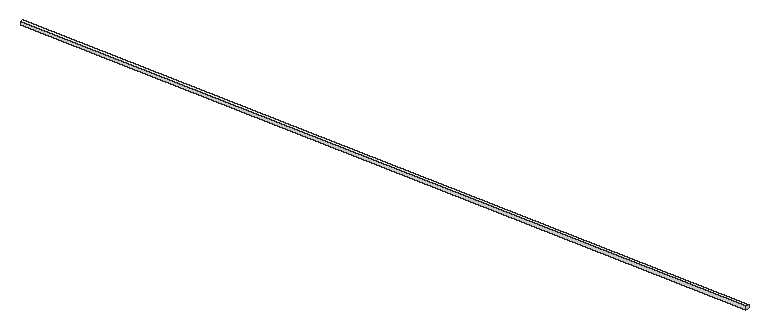
Revit family "K-Form_Topliste_p_i_t_5021204", category Generic Models, Revit 2020
Family settings
  Can host rebar = No
  Round Connector Dimension = Use Diameter
  Part Type = Normal
  Work Plane-Based = Yes
  Always vertical = No
  Cut with Voids When Loaded = No
  Shared = No
  Room Calculation Point = No
Parameters (values of type "For K85")
  Yes/No visibility = yes
  Website Link [instance] = "https://www.haucon.fi/tuotteet/liikuntasaumalaitteet/k-form-valurajaaja-ja-liikuntasaumalaite/44/k-form"
  URL = ""
  Total Length [instance] = 2440 mm
  Technical Data Sheet [instance] = ""
  Plastic [instance] = PVC
  K-Form height = 85 mm
  Default Elevation = 1219.2 mm
Types (3, lengths in mm): name | K-Form height
  For K85 | 85
  For K35 | 35
  For K135 | 135
Reference planes
  plane 1 "Center (Front/Back)": y = 0
  plane 2: z = 0
  plane 3 "Center (Left/Right)": x = 0
  plane 4 "Total length": x = 2440
  plane 5: z = 85
Forms (mm)
  Extrusion 1, solid, material "PVC", visible <- "Yes/No visibility"
    sketch origin (0, -72.455, -40.444) x (0, 1, 0) y (0, 0, 1)
      loop
        line (79.455, 121.444) -> (82.455, 121.444) -> (82.455, 131.471) -> (72.455, 131.471) -> (72.455, 121.444) -> (75.455, 121.444) -> (75.455, 125.444) -> (79.455, 125.444) -> (79.455, 121.444)
      loop
        line (79.455, 128.871) -> (75.455, 128.871) -> (75.455, 127.371) -> (79.455, 127.371) -> (79.455, 128.871)
    from 0 to 2440
Dimensions and locks
  "Total Length": plane 3 "Center (Left/Right)" to plane 4 "Total length"
  "K-Form height": plane 5 to level
  aligned and locked: level to plane 2
  aligned and locked: plane 4 "Total length" to Extrusion 1
  aligned and locked: Extrusion 1 to plane 3 "Center (Left/Right)"
  aligned and locked: plane 5 to Extrusion 1
Automatic sketch dimensions
  Extrusion 1 sketch curve to plane 5 = 0 mm
  Extrusion 1 sketch curve to plane 5 = 4 mm
  Extrusion 1 sketch curve to plane 1 "Center (Front/Back)" = 0 mm
  plane 5 to Extrusion 1 sketch curve = 1.927 mm
  Extrusion 1 sketch curve to Extrusion 1 sketch curve = 3 mm  (x2)
  Extrusion 1 sketch curve to Extrusion 1 sketch curve = 0 mm  (x3)
  Extrusion 1 sketch curve to Extrusion 1 sketch curve = 4 mm
  Extrusion 1 sketch curve to Extrusion 1 sketch curve = 1.5 mm
  Extrusion 1 sketch curve to Extrusion 1 sketch curve = 2.6 mm
